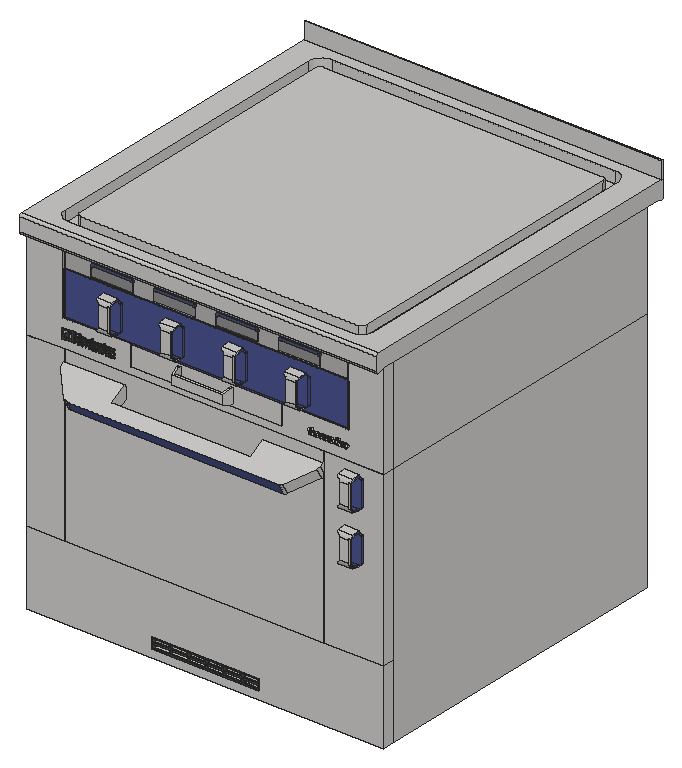
Revit family "QF_ELECTROLUXPROFESSIONAL_588426_MATGFBH8AO", category Attrezzature speciali, Revit 2020
Family settings
  Quota connettore circolare = Usa diametro
  Tipo di parte = Normale
  Basato su piano di lavoro = No
  Sempre verticale = Sì
  Taglio con vuoti quando caricato = No
  Condiviso = No
  Punto di calcolo locali = No
Parameters (values of type "Standard")
  Weight = 208.00 kg
  Watts = 17300 W
  Volts = 400 V
  URL Manufacturer = "https://www.electroluxprofessional.com/"
  URL = "https://www.electroluxprofessional.com/"
  Steam Supply Size = 0"
  Steam Supply Minimum Pressure = 0.00 psi
  Steam Supply Maximum Pressure = 0.00 psi
  Steam Consumption per Hour = 0
  Refrigeration Suction Line Size = 0 mm
  Refrigeration Liquid Line Size = 0 mm
  Refrigerant Compressor Remote = yes
  Prospetto di default = 0 mm
  Phase = 3
  Modello = "MATGFBH8AO"
  Produttore = "Electrolux Professional"
  Length Actual = 800 mm  # constant formula
  Item Number = "588426"
  Hot Water Size = 0"
  Height Actual = 800 mm  # constant formula
  HP = "23.2 HP"
  Gas Size = 0"
  Gas KW = 0
  Gas Input Pressure = 0.0 Btu/h
  Direct Waste Size = 0"
  Descrizione = "EL.FREE COOK.ST.OVEN,1S,BS,800X800X800H"
  Depth Actual = 800 mm  # constant formula
  Cycle = 50 Hz
  Condensate Return Size = 0"
  Compressed Air Volume = 0 GPM
  Compressed Air Size = 0"
  Compressed Air Pressure = 0.00 psi
  Cold Water Size = 0"
  Accessory = yes
Reference planes
  plane 1 "BACK": y = 0
  plane 2: z = 0
  plane 3 "LEFT": x = 0
  plane 4 "RIGHT": x = 800
  plane 5 "FRONT": y = -800
  plane 6 "TOP": z = 900
  plane 7 "Center (Left/Right)": x = 400
  plane 8: y = -400
  plane 9: z = 100
  plane 10: y = -150
  plane 11 "Panel": y = -755
  plane 12: z = 798
  plane 13: z = 1327
  plane 14: x = 78
  plane 15: x = 722
  plane 16: y = -150
  plane 17: y = -650
  plane 18 "EIx": x = 755
  plane 19 "EIy": y = -585
  plane 20: z = 938
Forms (mm)
  Extrusion 1, solid, material "QF_Finishes_Stainless Steel"
    sketch origin (-178.969, -4572, 100) x (-1, 0, 0) y (0, -1, 0)
      loop
        line (-178.969, -4527) -> (-178.969, -3817) -> (-978.969, -3817) -> (-978.969, -4527) -> (-178.969, -4527)
    from 550 to 762.969
  Extrusion 2, solid, material "QF_Finishes_Stainless Steel"
    sketch origin (0, 0, 0) x (0, 1, 0) y (0, 0, 1)
      loop
        line (-755, 100) -> (-755, 265) -> (-780, 265) -> (-780, 100) -> (-755, 100)
    from 0 to 800
  Extrusion 3, solid, material "QF_Finishes_Stainless Steel"
    sketch origin (-588.969, -4562, 100) x (-1, 0, 0) y (0, -1, 0)
      loop
        circle (-1343.969, -3977) r 6.35
    from 0 to -11.851
  Extrusion 4, solid, material "QF_Finishes_Stainless Steel"
    sketch origin (400, 296.4, 1219.2) x (0, 1, 0) y (0, 0, 1)
      loop
        line (-296.4, -319.2) -> (-1091.4, -319.2)
        arc (-1091.4, -319.2) -> (-1094.935, -320.664) -> (-1096.4, -324.2) r 5
        line (-1096.4, -324.2) -> (-1096.4, -355.2)
        arc (-1096.4, -355.2) -> (-1094.971, -358.264) -> (-1091.705, -359.139) r 4
        line (-1091.705, -359.139) -> (-1076.4, -356.231) -> (-316.4, -356.231) -> (-301.094, -359.139)
        arc (-301.094, -359.139) -> (-297.829, -358.264) -> (-296.4, -355.2) r 4
        line (-296.4, -355.2) -> (-296.4, -319.2)
    from -400 to 400
  Extrusion 5, solid, material "QF_Finishes_Stainless Steel"
    sketch origin (0, 0, 900) x (-1, 0, 0) y (0, -1, 0)
      loop
        arc (-88, 59) -> (-80.929, 61.929) -> (-78, 69) r 10
        line (-78, 69) -> (-78, 730)
        arc (-78, 730) -> (-80.929, 737.071) -> (-88, 740) r 10
        line (-88, 740) -> (-712, 740)
        arc (-712, 740) -> (-719.071, 737.071) -> (-722, 730) r 10
        line (-722, 730) -> (-722, 69)
        arc (-722, 69) -> (-719.071, 61.929) -> (-712, 59) r 10
        line (-712, 59) -> (-88, 59)
    from 0 to -20
  Extrusion 6, solid, material "QF_Finishes_Stainless Steel"
    sketch origin (-178.969, -4572, 100) x (-1, 0, 0) y (0, -1, 0)
      loop
        line (-178.969, -4527) -> (-178.969, -3817) -> (-978.969, -3817) -> (-978.969, -4527) -> (-178.969, -4527)
    from 550 to 0
  Extrusion 7, void
    sketch origin (0, -755, 0) x (-1, 0, 0) y (0, 0, 1)
      loop
        line (-520, 116.594) -> (-280, 116.594) -> (-280, 141.594) -> (-520, 141.594) -> (-520, 116.594)
    from 0 to -25
  Extrusion 8, solid, material "QF_Finishes_Black"
    sketch origin (0, -755, 0) x (-1, 0, 0) y (0, 0, 1)
      loop
        line (-280, 141.594) -> (-520, 141.594) -> (-520, 116.594) -> (-280, 116.594) -> (-280, 141.594)
      loop
        line (-282, 139.594) -> (-319.131, 139.594) -> (-319.131, 130.094) -> (-282, 130.094) -> (-282, 139.594)
      loop
        line (-282, 118.594) -> (-282, 128.094) -> (-319.131, 128.094) -> (-319.131, 118.594) -> (-282, 118.594)
      loop
        line (-321.131, 139.594) -> (-359.066, 139.594) -> (-359.066, 130.094) -> (-321.131, 130.094) -> (-321.131, 139.594)
      loop
        line (-399, 139.594) -> (-399, 130.094) -> (-361.066, 130.094) -> (-361.066, 139.594) -> (-399, 139.594)
      loop
        line (-401, 139.594) -> (-438.934, 139.594) -> (-438.934, 130.094) -> (-401, 130.094) -> (-401, 139.594)
      loop
        line (-359.066, 118.594) -> (-321.131, 118.594) -> (-321.131, 128.094) -> (-359.066, 128.094) -> (-359.066, 118.594)
      loop
        line (-361.066, 118.594) -> (-361.066, 128.094) -> (-399, 128.094) -> (-399, 118.594) -> (-361.066, 118.594)
      loop
        line (-401, 128.094) -> (-438.934, 128.094) -> (-438.934, 118.594) -> (-401, 118.594) -> (-401, 128.094)
      loop
        line (-518, 139.594) -> (-518, 130.094) -> (-480.869, 130.094) -> (-480.869, 139.594) -> (-518, 139.594)
      loop
        line (-518, 118.594) -> (-480.869, 118.594) -> (-480.869, 128.094) -> (-518, 128.094) -> (-518, 118.594)
      loop
        line (-478.869, 139.594) -> (-478.869, 130.094) -> (-440.934, 130.094) -> (-440.934, 139.594) -> (-478.869, 139.594)
      loop
        line (-440.934, 118.594) -> (-440.934, 128.094) -> (-478.869, 128.094) -> (-478.869, 118.594) -> (-440.934, 118.594)
    from -25.03 to -20
  Extrusion 9, void
    sketch origin (0, 0, 900) x (-1, 0, 0) y (0, -1, 0)
      loop
        arc (-53, 740) -> (-61.787, 761.213) -> (-83, 770) r 30
        line (-83, 770) -> (-717, 770)
        arc (-717, 770) -> (-738.213, 761.213) -> (-747, 740) r 30
        line (-747, 740) -> (-747, 59)
        arc (-747, 59) -> (-738.213, 37.787) -> (-717, 29) r 30
        line (-717, 29) -> (-83, 29)
        arc (-83, 29) -> (-61.787, 37.787) -> (-53, 59) r 30
        line (-53, 59) -> (-53, 740)
    from 0 to -25
  Extrusion 10, solid, material "QF_Finishes_Stainless Steel"
    sketch origin (0, 0, 900) x (-1, 0, 0) y (0, -1, 0)
      loop
        line (-82, 63) -> (-82, 736) -> (-718, 736) -> (-718, 63) -> (-82, 63)
    from -20 to -25
  Extrusion 11, solid, material "QF_Finishes_Stainless Steel"
    sketch origin (400, 296.4, 1219.2) x (0, 1, 0) y (0, 0, 1)
      loop
        line (-296.4, -319.2) -> (-296.4, -281.2) -> (-298.4, -281.2) -> (-298.4, -319.2) -> (-296.4, -319.2)
    from -400 to 400
Cuts and joins
  Extrusion 7 cuts Extrusion 6
  Extrusion 7 cuts Extrusion 2
  Extrusion 9 cuts Extrusion 4
Lines and regions (mm)
  symbolic lines
    curve 1: line (0, 0, 100) -> (800, 0, 100)
    curve 2: line (0, -800, 100) -> (0, 0, 100)
    curve 3: line (800, -800, 100) -> (0, -800, 100)
    curve 4: line (800, 0, 100) -> (800, -800, 100)
    curve 5: line (712, -59, 100) -> (88, -59, 100)
    curve 6: line (722, -680, 100) -> (722, -69, 100)
    curve 7: arc (88, -59, 100) -> (80.929, -61.929, 100) -> (78, -69, 100) r 10
    curve 8: arc (722, -69, 100) -> (719.071, -61.929, 100) -> (712, -59, 100) r 10
    curve 9: line (712, -741, 100) -> (88, -741, 100)
    curve 10: arc (88, -741, 100) -> (80.929, -738.071, 100) -> (78, -731, 100) r 10
    curve 11: arc (722, -731, 100) -> (719.071, -738.071, 100) -> (712, -741, 100) r 10
    curve 12: line (78, -69, 0) -> (78, -731, 0)
    curve 13: line (722, -731, 0) -> (722, -69, 0)
    curve 14: arc (83, -29, 0) -> (61.787, -37.787, 0) -> (53, -59, 0) r 30
    curve 15: line (717, -29, 0) -> (83, -29, 0)
    curve 16: line (53, -59, 0) -> (53, -740, 0)
    curve 17: line (747, -740, 0) -> (747, -59, 0)
    curve 18: arc (747, -59, 0) -> (738.213, -37.787, 0) -> (717, -29, 0) r 30
    curve 19: arc (717, -770, 0) -> (738.213, -761.213, 0) -> (747, -740, 0) r 30
    curve 20: line (83, -770, 0) -> (717, -770, 0)
    curve 21: arc (53, -740, 0) -> (61.787, -761.213, 0) -> (83, -770, 0) r 30
    curve 22: line (0, -2, 0) -> (800, -2, 0)
Dimensions and locks
  plane 3 "LEFT" to plane 4 "RIGHT" = 800 mm
  plane 5 "FRONT" to plane 1 "BACK" = 800 mm
  equal spacing: plane 3 "LEFT", plane 7 "Center (Left/Right)", plane 4 "RIGHT"
  equal spacing: plane 5 "FRONT", plane 8, plane 1 "BACK"
  plane 6 "TOP" to level = 900 mm  (x2)
  plane 9 to level = 100 mm
  plane 1 "BACK" to plane 10 to plane 11 "Panel" = 150 mm, 605 mm  (x2)
  plane 6 "TOP" to plane 9 to level = 800 mm, 100 mm
  plane 1 "BACK" to plane 5 "FRONT" = 800 mm
  plane 1 "BACK" to Extrusion 3 = 585 mm
  plane 12 to plane 9 = 698 mm
  plane 13 to plane 6 "TOP" = 427 mm
  plane 6 "TOP" to plane 12 = 102 mm
  plane 14 to plane 3 "LEFT" = 78 mm
  plane 15 to plane 4 "RIGHT" = 78 mm
  locked: plane 1 "BACK" to plane 16 at 150
  locked: plane 16 to plane 17 at 500
  plane 11 "Panel" to plane 5 "FRONT" = 45 mm
  plane 18 "EIx" to plane 4 "RIGHT" = 45 mm
  plane 19 "EIy" to plane 1 "BACK" = 585 mm
  plane 20 to plane 6 "TOP" = 38 mm
  aligned and locked: level to plane 2
  aligned and locked: Extrusion 2 to plane 4 "RIGHT"
  aligned and locked: plane 3 "LEFT" to nested 1
  aligned and locked: plane 7 "Center (Left/Right)" to nested 4
  aligned and locked: cut or joined group of Extrusion 2, Extrusion 7 to nested 1
  aligned and locked: Extrusion 1 to cut or joined group of Extrusion 6, Extrusion 7
Automatic sketch dimensions
  Extrusion 2 sketch curve to plane 9 = 0 mm
  Extrusion 2 sketch curve to plane 11 "Panel" = 0 mm
  Extrusion 2 sketch curve to plane 5 "FRONT" = 20 mm
  plane 9 to Extrusion 2 sketch curve = 165 mm
  Extrusion 3 sketch curve to plane 18 "EIx" = 0 mm
  Extrusion 3 sketch curve to plane 19 "EIy" = 0 mm
  Extrusion 4 sketch curve to plane 5 "FRONT" = 0 mm
  Extrusion 4 sketch curve to plane 6 "TOP" = 0 mm
  Extrusion 4 sketch curve to plane 1 "BACK" = 0 mm
  Extrusion 4 sketch curve to plane 5 "FRONT" = 4 mm
  Extrusion 4 sketch curve to Extrusion 4 sketch curve = 0.695 mm
  Extrusion 4 sketch curve to plane 5 "FRONT" = 5 mm
  Extrusion 4 sketch curve to Extrusion 4 sketch curve = 15.305 mm
  plane 1 "BACK" to Extrusion 4 sketch curve = 20 mm
  plane 1 "BACK" to Extrusion 4 sketch curve = 4.695 mm
  Extrusion 4 sketch curve to Extrusion 4 sketch curve = 4 mm
  Extrusion 4 sketch curve to Extrusion 4 sketch curve = 31 mm
  Extrusion 4 sketch curve to plane 6 "TOP" = 36 mm
  Extrusion 4 sketch curve to Extrusion 4 sketch curve = 2.909 mm
  Extrusion 5 sketch curve to plane 15 = 0 mm
  Extrusion 5 sketch curve to plane 14 = 0 mm
  plane 15 to Extrusion 5 sketch curve = 10 mm  (x2)
  Extrusion 5 sketch curve to Extrusion 5 sketch curve = 10 mm  (x2)
  plane 10 to Extrusion 5 sketch curve = 91 mm
  plane 17 to Extrusion 5 sketch curve = 80 mm
  plane 9 to Extrusion 7 sketch curve = 41.594 mm
  plane 7 "Center (Left/Right)" to Extrusion 7 sketch curve = 120 mm
  Extrusion 7 sketch curve to plane 7 "Center (Left/Right)" = 120 mm
  plane 9 to Extrusion 7 sketch curve = 16.594 mm
  plane 9 to Extrusion 8 sketch curve = 41.594 mm
  plane 7 "Center (Left/Right)" to Extrusion 8 sketch curve = 120 mm
  Extrusion 8 sketch curve to Extrusion 8 sketch curve = 2 mm  (x15)
  Extrusion 8 sketch curve to Extrusion 8 sketch curve = 0 mm  (x16)
  Extrusion 8 sketch curve to Extrusion 8 sketch curve = 37.131 mm  (x2)
  Extrusion 8 sketch curve to Extrusion 8 sketch curve = 37.934 mm  (x3)
  plane 7 "Center (Left/Right)" to Extrusion 8 sketch curve = 1 mm  (x2)
  Extrusion 8 sketch curve to plane 7 "Center (Left/Right)" = 1 mm  (x2)
  plane 9 to Extrusion 8 sketch curve = 18.594 mm  (x4)
  Extrusion 8 sketch curve to Extrusion 8 sketch curve = 9.5 mm  (x6)
  Extrusion 10 sketch curve to plane 14 = 4 mm
  plane 15 to Extrusion 10 sketch curve = 4 mm
  plane 17 to Extrusion 10 sketch curve = 86 mm
  plane 10 to Extrusion 10 sketch curve = 87 mm
  plane 18 "EIx" to Extrusion 9 sketch curve = 8 mm
  plane 15 to Extrusion 9 sketch curve = 5 mm  (x2)
  Extrusion 9 sketch curve to plane 14 = 5 mm  (x2)
  plane 14 to Extrusion 9 sketch curve = 25 mm
  plane 1 "BACK" to Extrusion 9 sketch curve = 29 mm
  plane 11 "Panel" to Extrusion 9 sketch curve = 15 mm
  Extrusion 1 sketch curve to plane 4 "RIGHT" = 0 mm
  Extrusion 1 sketch curve to plane 3 "LEFT" = 0 mm
  Extrusion 1 sketch curve to plane 11 "Panel" = 0 mm
  plane 1 "BACK" to Extrusion 1 sketch curve = 45 mm
  plane 1 "BACK" to curve 1 = 0 mm
  curve 1 to plane 4 "RIGHT" = 0 mm
  curve 6 to plane 15 = 0 mm
  curve 11 to plane 15 = 0 mm
  curve 10 to plane 14 = 0 mm
  curve 7 to plane 14 = 0 mm
  curve 2 to plane 3 "LEFT" = 0 mm
  plane 5 "FRONT" to curve 3 = 0 mm
  plane 15 to curve 9 = 10 mm
  plane 15 to curve 5 = 10 mm
  curve 7 to plane 14 = 10 mm
  curve 10 to plane 14 = 10 mm
  plane 1 "BACK" to curve 5 = 59 mm
  plane 17 to curve 6 = 30 mm
  plane 11 "Panel" to curve 11 = 24 mm
  Extrusion 6 sketch curve to plane 4 "RIGHT" = 0 mm
  Extrusion 6 sketch curve to plane 3 "LEFT" = 0 mm
  Extrusion 6 sketch curve to plane 11 "Panel" = 0 mm
  plane 1 "BACK" to Extrusion 6 sketch curve = 45 mm
  Extrusion 11 sketch curve to plane 6 "TOP" = 0 mm
  Extrusion 11 sketch curve to plane 20 = 0 mm
  Extrusion 11 sketch curve to plane 1 "BACK" = 0 mm
  Extrusion 11 sketch curve to Extrusion 11 sketch curve = 2 mm
  curve 22 to plane 3 "LEFT" = 0 mm
  curve 12 to plane 14 = 0 mm
  curve 13 to plane 15 = 0 mm
  curve 22 to plane 4 "RIGHT" = 0 mm
  plane 14 to curve 16 = 25 mm
  curve 15 to plane 14 = 5 mm
  curve 21 to plane 14 = 5 mm
  plane 15 to curve 18 = 5 mm
  plane 15 to curve 20 = 5 mm
  plane 18 "EIx" to curve 17 = 8 mm
  curve 20 to plane 11 "Panel" = 15 mm
  plane 1 "BACK" to curve 14 = 59 mm
  curve 19 to curve 13 = 9 mm
  curve 21 to curve 12 = 9 mm
  curve 13 to curve 18 = 10 mm
  curve 12 to curve 14 = 10 mm
  plane 1 "BACK" to curve 22 = 2 mm
  radius of Extrusion 3 sketch curve = 6.35 mm
Nested families
  nested 1: "Door_Panel_W800_A" at (300, -755, 0), type "Door_Panel_W800_A"
  nested 2: "FIT Range Control Handle" at (730, -783.167, -372.751), type "FIT Range Control Handle"
  nested 3: "FIT Range Control Handle" at (730, -783.167, -484.751), type "FIT Range Control Handle"
  nested 4: "Front_Panel_W800_Four Knobs" at (202.376, -755, 0), type "Front_Panel_W800_Four Knobs"
Connectors
  electrical at (755, -585, 88.149)
    settings: on Extrusion 3, index 1, voltage 400 V, apparent load 33000 VA, apparent load phase1 0 VA, apparent load phase2 0 VA, apparent load phase3 0 VA, power factor 1, load classification "Other", number of poles 1, system type 30, power factor state 1, is connector primary yes, connector utility no, sub classification motor no, connector description "ELECTRICAL CONNECTION"
Definition of nested family "Door_Panel_W800_A"
  Parameters
    Default Elevation = 0 mm
  Reference planes
    plane 1 "Center (Front/Back)": y = 0
    plane 2 "Ref. Level": z = 0
    plane 3: x = 500
    plane 4: x = -300
    plane 5 "Center (Left/Right)": x = 100
    plane 6: x = -215
    plane 7: x = 365
    plane 8 "Manopola": through (-6096, -50.059, 612.389) normal (0, -0.515, 0.8572)
    plane 9 "Top": z = 650
    plane 10: z = 265
    plane 11: z = 200
  Forms (mm)
    Extrusion 1, solid
      sketch origin (100, 0, 0) x (0, 1, 0) y (0, 0, 1)
        loop
          line (-25.03, 650) -> (-25.03, 265) -> (0, 265) -> (0, 650) -> (-25.03, 650)
      from 265 to 400
    Extrusion 2, solid
      sketch origin (100, 0, 0) x (0, 1, 0) y (0, 0, 1)
        loop
          line (-25.03, 650) -> (-25.03, 265) -> (0, 265) -> (0, 650) -> (-25.03, 650)
      from -400 to -315
    Extrusion 3, solid
      sketch origin (100, 0, 0) x (0, 1, 0) y (0, 0, 1)
        loop
          line (-25.03, 650) -> (-25.03, 265) -> (0, 265) -> (0, 650) -> (-25.03, 650)
      from -315 to 265
    Extrusion 4, solid
      sketch origin (0, -283.633, 472.044) x (0, 0.857167, 0.515038) y (-1, 0, 0)
        loop
          line (299.12, -365) -> (299.12, 215) -> (290.982, 215)
          arc (290.982, 215) -> (286.677, 214.026) -> (283.211, 211.293) r 10
          line (283.211, 211.293) -> (233.28, 170.86)
          arc (233.28, 170.86) -> (230.548, 167.394) -> (229.574, 163.089) r 10
          line (229.574, 163.089) -> (229.574, -313.089)
          arc (229.574, -313.089) -> (230.548, -317.394) -> (233.28, -320.86) r 10
          line (233.28, -320.86) -> (283.211, -361.293)
          arc (283.211, -361.293) -> (286.677, -364.026) -> (290.982, -365) r 10
          line (290.982, -365) -> (299.12, -365)
      from -27 to 0
    Extrusion 5, void
      sketch origin (100, 0, 0) x (0, 1, 0) y (0, 0, 1)
        loop
          line (-61.514, 605.507) -> (-47.608, 582.363) -> (-25.03, 595.93) -> (-25.03, 627.429) -> (-61.514, 605.507)
      from -180 to 130
    Extrusion 6, solid, detail levels coarse
      sketch origin (100, 0, 0) x (0, 1, 0) y (0, 0, 1)
        loop
          line (-25.03, 265) -> (-25.03, 650)
          arc (-25.03, 650) -> (-297.266, 537.236) -> (-410.03, 265) r 385
          line (-410.03, 265) -> (-25.03, 265)
      from -315 to 265
  Cuts and joins
    Extrusion 5 cuts Extrusion 4
    joined: Extrusion 3, Extrusion 4
  Lines and regions (mm)
    symbolic lines
      curve 1: line (-207.355, -45.043, 0) -> (-170.86, -83.673, 0)
      curve 2: line (-163.089, -86.85, 0) -> (313.089, -86.85, 0)
      curve 3: line (320.86, -83.673, 0) -> (357.355, -45.043, 0)
      curve 4: arc (-163.089, -86.85, 0) -> (-167.318, -86.101, 0) -> (-170.86, -83.673, 0) r 10.165
      curve 5: arc (313.089, -86.85, 0) -> (317.318, -86.101, 0) -> (320.86, -83.673, 0) r 10.165
      curve 6: line (-215, -45.043, 0) -> (-215, -410.03, 0)
      curve 7: line (-215, -410.03, 0) -> (365, -410.03, 0)
      curve 8: line (365, -410.03, 0) -> (365, -45.03, 0)
  Dimensions and locks
    plane 3 to plane 4 = 800 mm
    plane 4 to plane 3 = 800 mm
    equal spacing: plane 3, plane 5 "Center (Left/Right)", plane 4
    plane 6 to plane 4 = 85 mm
    plane 3 to plane 7 = 135 mm
    plane 11 to level = 200 mm
    plane 10 to plane 11 = 65 mm
    plane 10 to plane 9 "Top" = 385 mm
    plane 9 "Top" to plane 11 = 450 mm
    aligned and locked: plane 3 to Extrusion 1
    aligned and locked: cut or joined group of Extrusion 3, Extrusion 4, Extrusion 5 to plane 6
    aligned and locked: cut or joined group of Extrusion 3, Extrusion 4, Extrusion 5 to plane 7
    aligned and locked: plane 7 to Extrusion 1
    aligned and locked: plane 6 to Extrusion 2
    aligned and locked: Extrusion 2 to plane 4
    aligned and locked: plane 10 to Extrusion 2
    aligned and locked: plane 10 to cut or joined group of Extrusion 3, Extrusion 4, Extrusion 5
    aligned and locked: plane 10 to Extrusion 1
    aligned and locked: Extrusion 6 to plane 6
    aligned and locked: Extrusion 6 to plane 7
  Automatic sketch dimensions
    Extrusion 5 sketch curve to plane 8 "Manopola" = 0 mm  (x2)
    plane 1 "Center (Front/Back)" to Extrusion 5 sketch curve = 61.514 mm
    Extrusion 5 sketch curve to Extrusion 5 sketch curve = 13.906 mm
    plane 1 "Center (Front/Back)" to Extrusion 5 sketch curve = 25.03 mm
    Extrusion 4 sketch curve to plane 7 = 0 mm
    Extrusion 4 sketch curve to plane 6 = 0 mm
    plane 6 to Extrusion 4 sketch curve = 51.911 mm
    plane 7 to Extrusion 4 sketch curve = 44.14 mm
    Extrusion 4 sketch curve to Extrusion 4 sketch curve = 3.707 mm  (x2)
    plane 6 to Extrusion 4 sketch curve = 44.14 mm
    plane 7 to Extrusion 4 sketch curve = 3.707 mm
    Extrusion 4 sketch curve to Extrusion 4 sketch curve = 49.93 mm  (x2)
    plane 6 to Extrusion 4 sketch curve = 3.707 mm
    Extrusion 4 sketch curve to Extrusion 4 sketch curve = 7.771 mm  (x3)
    Extrusion 4 sketch curve to Extrusion 4 sketch curve = 8.138 mm
    Extrusion 2 sketch curve to plane 1 "Center (Front/Back)" = 0 mm
    Extrusion 3 sketch curve to plane 1 "Center (Front/Back)" = 0 mm
    Extrusion 1 sketch curve to plane 1 "Center (Front/Back)" = 0 mm
    Extrusion 2 sketch curve to plane 9 "Top" = 0 mm
    Extrusion 2 sketch curve to Extrusion 2 sketch curve = 25.03 mm
    Extrusion 3 sketch curve to plane 9 "Top" = 0 mm
    Extrusion 3 sketch curve to Extrusion 3 sketch curve = 25.03 mm
    Extrusion 1 sketch curve to plane 9 "Top" = 0 mm
    plane 1 "Center (Front/Back)" to Extrusion 1 sketch curve = 25.03 mm
    level to Extrusion 1 sketch curve = 265 mm
    level to Extrusion 2 sketch curve = 265 mm
    level to Extrusion 3 sketch curve = 265 mm
    plane 10 to Extrusion 6 sketch curve = 0 mm
    Extrusion 6 sketch curve to plane 9 "Top" = 0 mm
    plane 1 "Center (Front/Back)" to Extrusion 6 sketch curve = 25.03 mm
    curve 7 to plane 7 = 0 mm
    plane 6 to curve 1 = 44.14 mm
    curve 4 to curve 4 = 7.389 mm
    curve 4 to curve 2 = 7.771 mm
    plane 7 to curve 2 = 51.911 mm
    curve 2 to curve 5 = 0.382 mm
    curve 2 to curve 3 = 7.771 mm
    plane 1 "Center (Front/Back)" to curve 6 = 410.03 mm
    plane 1 "Center (Front/Back)" to curve 2 = 86.85 mm
    curve 2 to curve 3 = 3.177 mm
    curve 2 to curve 1 = 3.177 mm
    plane 7 to curve 3 = 7.645 mm
    plane 1 "Center (Front/Back)" to curve 3 = 45.043 mm
    curve 3 to curve 8 = 0.013 mm
    curve 7 to plane 6 = 0 mm
    curve 6 to curve 1 = 7.645 mm
    plane 1 "Center (Front/Back)" to curve 1 = 45.043 mm
    curve 6 to curve 1 = 0 mm
Definition of nested family "FIT Range Control Handle"
  Parameters
    Default Elevation = 0 mm
  Reference planes
    plane 1 "Center (Front/Back)": y = 0
    plane 2: z = 0
    plane 3 "Center (Left/Right)": x = 0
    plane 4: z = 971.092
    plane 5: y = -16.8
  Forms (mm)
    Extrusion 1, solid
      sketch origin (-746.28, 380.497, 208.931) x (-1, 0, 0) y (0, 0, 1)
        loop
          line (-770.101, 786.798) -> (-770.101, 731.649)
          arc (-770.101, 731.649) -> (-769.759, 730.563) -> (-768.855, 729.87) r 1.893
          line (-768.855, 729.87) -> (-763.474, 727.911) -> (-729.81, 727.911) -> (-724.428, 729.87)
          arc (-724.428, 729.87) -> (-723.525, 730.563) -> (-723.183, 731.649) r 1.893
          line (-723.183, 731.649) -> (-723.183, 786.798)
          arc (-723.183, 786.798) -> (-723.529, 787.894) -> (-724.44, 788.593) r 1.91
          line (-724.44, 788.593) -> (-729.683, 790.819) -> (-763.601, 790.819) -> (-768.844, 788.593)
          arc (-768.844, 788.593) -> (-769.755, 787.894) -> (-770.101, 786.798) r 1.91
      from -382.35 to -378.852
    Sweep 2, solid
      path origin (-746.788, 380.496, 208.091) x (0, -1, 0) y (0, 0, 1)
        loop
          line (379.775, 793.281) -> (395.661, 791.048)
          arc (395.661, 791.048) -> (397.781, 787.377) -> (398.517, 783.202) r 12.207
          line (398.517, 783.202) -> (398.517, 737.368)
          arc (398.517, 737.368) -> (397.781, 733.193) -> (395.661, 729.522) r 12.207
          line (395.661, 729.522) -> (379.775, 727.289)
      profile origin (-746.788, -7.222, 1000.256) x (0, -0.139173, 0.990268) y (-1, 0, 0)
        loop
          line (0.782, -763.123) -> (0.782, -730.907) -> (-1.322, -730.907) -> (-1.322, -763.123) -> (0.782, -763.123)
    Sweep 3, solid
      path origin (-746.788, 380.715, 207.832) x (0, -1, 0) y (0, 0, 1)
        loop
          line (380.478, 795.442) -> (397.218, 793.09)
          arc (397.218, 793.09) -> (399.929, 788.473) -> (400.871, 783.202) r 15.207
          line (400.871, 783.202) -> (400.871, 737.584)
          arc (400.871, 737.584) -> (399.914, 732.274) -> (397.164, 727.633) r 15.207
          line (397.164, 727.633) -> (380.601, 725.305)
      profile origin (-746.788, -8.132, 1002.099) x (0, -0.139173, 0.990268) y (-1, 0, 0)
        loop
          line (0.782, -763.123) -> (0.782, -730.907) -> (-1.322, -730.907) -> (-1.322, -763.123) -> (0.782, -763.123)
    Extrusion 4, void
      sketch origin (889.253, 220.666, 207.993) x (1, 0, 0) y (0, 0, 1)
        loop
          line (-943.038, 816.854) -> (-943.038, 703.686) -> (-899.466, 734.196) -> (-899.466, 786.344) -> (-943.038, 816.854)
      from 230.636 to 242.25
    Extrusion 5, void
      sketch origin (-888.8, 220.666, 207.993) x (-1, 0, 0) y (0, 0, -1)
        loop
          line (-943.038, -816.854) -> (-899.466, -786.344) -> (-899.466, -734.196) -> (-943.038, -703.686) -> (-943.038, -816.854)
      from 230.636 to 242.25
    Extrusion 6, solid
      sketch origin (0, 0, 0) x (1, 0, 0) y (0, 0, 1)
        loop
          circle (0, 971.092) r 7.736
      from -3.137 to -1.645
  Cuts and joins
    Extrusion 4, Extrusion 5 cuts Sweep 3
    Extrusion 4, Extrusion 5 cuts Sweep 2
    joined: Extrusion 1, Extrusion 6
  Lines and regions (mm)
    symbolic lines
      curve 1: line (-15.881, -19.189, 0) -> (-15.881, -16.8, 0)
      curve 2: line (16.334, -19.189, 0) -> (16.334, -16.8, 0)
      curve 3: spline (-15.881, -19.189, 0) -> (-15.417, -19.349, 0) -> (-14.951, -19.501, 0) -> (-14.483, -19.646, 0) -> (-14.014, -19.783, 0) -> (-13.543, -19.912, 0) -> (-13.071, -20.033, 0) -> (-12.597, -20.146, 0) -> (-12.122, -20.251, 0) -> (-11.646, -20.349, 0) -> (-11.169, -20.438, 0) -> (-10.691, -20.52, 0) -> (-10.213, -20.593, 0)
      curve 4: spline (10.666, -20.593, 0) -> (11.144, -20.52, 0) -> (11.622, -20.438, 0) -> (12.099, -20.349, 0) -> (12.575, -20.251, 0) -> (13.05, -20.146, 0) -> (13.524, -20.033, 0) -> (13.996, -19.912, 0) -> (14.467, -19.783, 0) -> (14.936, -19.646, 0) -> (15.404, -19.501, 0) -> (15.87, -19.349, 0) -> (16.334, -19.189, 0)
      curve 5: line (-10.213, -20.938, 0) -> (10.716, -20.938, 0)
  Dimensions and locks
    cut or joined group of Sweep 3, Extrusion 4, Extrusion 5 to cut or joined group of Sweep 3, Extrusion 4, Extrusion 5 = 71.686 mm
Definition of nested family "Front_Panel_W800_Four Knobs"
  Parameters
    Default Elevation = 0 mm
  Reference planes
    plane 1 "Center (Front/Back)": y = 0
    plane 2: z = 0
    plane 3 "Center (Left/Right)": x = 197.624
    plane 4 "Left": x = -202.376
    plane 5 "Right": x = 597.624
    plane 6: y = -45
    plane 7: x = -12.376
    plane 8: x = 127.624
    plane 9: y = -310
    plane 10: y = -25
    plane 11: x = 517.624
    plane 12: x = -122.376
  Forms (mm)
    Extrusion 1, solid
      sketch origin (833.217, 829.203, -1.25) x (0, 1, 0) y (0, 0, 1)
        loop
          line (-854.203, 651.25) -> (-829.203, 651.25) -> (-829.203, 864.25) -> (-854.203, 864.25) -> (-854.203, 651.25)
      from -1035.593 to -235.593
    Extrusion 2, void
      sketch origin (0, 0, 0) x (1, 0, 0) y (0, 0, 1)
        loop
          line (-122.376, 853.866) -> (-122.376, 711.866) -> (517.624, 711.866) -> (517.624, 853.866) -> (-122.376, 853.866)
      from 19.387 to 33.951
    Extrusion 3, void
      sketch origin (0, 0, 0) x (1, 0, 0) y (0, 0, 1)
        loop
          line (30.124, 711.866) -> (30.124, 666.866) -> (370.124, 666.866) -> (370.124, 711.866) -> (30.124, 711.866)
      from 19.387 to 25
    Extrusion 4, solid
      sketch origin (0, 0, 0) x (1, 0, 0) y (0, 0, 1)
        loop
          line (31.124, 710.866) -> (31.124, 667.866) -> (369.124, 667.866) -> (369.124, 710.866) -> (31.124, 710.866)
      from 19.387 to 25
    Extrusion 5, solid
      sketch origin (0, 0, 0) x (1, 0, 0) y (0, 1, 0)
        loop
          line (141.059, -25) -> (135.966, -25) -> (140.646, -49.075) -> (254.603, -49.075) -> (259.283, -25) -> (254.189, -25) -> (250.481, -44.075) -> (144.767, -44.075) -> (141.059, -25)
      from 672.593 to 705.67
    Extrusion 6, void
      sketch origin (197.624, 0, 0) x (0, 1, 0) y (0, 0, 1)
        loop
          line (-30, 705.67) -> (-30, 710.67) -> (-56.744, 710.67) -> (-56.744, 667.593) -> (-30, 667.593) -> (-30, 672.593) -> (-53.776, 680.318) -> (-53.776, 697.945) -> (-30, 705.67)
      from -70 to 70
    Extrusion 7, solid, detail levels coarse
      sketch origin (0, -265, 0) x (1, 0, 0) y (0, 1, 0)
        loop
          line (140.646, -69.075) -> (254.603, -69.075) -> (259.283, -45) -> (364.124, -45) -> (364.124, 240) -> (31.124, 240) -> (31.124, -45) -> (135.966, -45) -> (140.646, -69.075)
      from 672.593 to 705.67
    Extrusion 8, void
      sketch origin (197.624, -280, 0) x (0, 1, 0) y (0, 0, 1)
        loop
          line (-30, 705.67) -> (-30, 710.67) -> (-56.744, 710.67) -> (-56.744, 667.593) -> (-30, 667.593) -> (-30, 672.593) -> (-53.776, 680.318) -> (-53.776, 697.945) -> (-30, 705.67)
      from -70 to 70
  Cuts and joins
    Extrusion 2, Extrusion 3 cuts Extrusion 1
    Extrusion 6, Extrusion 8 cuts Extrusion 5
    Extrusion 8 cuts Extrusion 7
  Lines and regions (mm)
    symbolic lines
      curve 1: line (31.124, -45, 0) -> (31.124, -310, 0)
      curve 2: line (31.124, -310, 0) -> (364.124, -310, 0)
      curve 3: line (135.966, -310, 0) -> (140.646, -334.075, 0)
      curve 4: line (140.646, -334.075, 0) -> (254.603, -334.075, 0)
      curve 5: line (254.603, -334.075, 0) -> (259.283, -310, 0)
      curve 6: line (364.124, -310, 0) -> (364.124, -45, 0)
      curve 7: line (31.124, -300, 0) -> (364.124, -300, 0)
      curve 8: line (140.874, -309.046, 0) -> (144.767, -329.075, 0)
      curve 9: line (144.767, -329.075, 0) -> (250.481, -329.075, 0)
      curve 10: line (250.481, -329.075, 0) -> (254.375, -309.046, 0)
  Dimensions and locks
    equal spacing: plane 5 "Right", plane 3 "Center (Left/Right)", plane 4 "Left"
    plane 5 "Right" to plane 4 "Left" = 800 mm
    plane 3 "Center (Left/Right)" to plane 7 = 210 mm
    plane 3 "Center (Left/Right)" to plane 8 = 70 mm
    plane 6 to plane 9 = 265 mm
    aligned and locked: cut or joined group of Extrusion 1, Extrusion 2, Extrusion 3 to plane 4 "Left"
    aligned and locked: plane 5 "Right" to cut or joined group of Extrusion 1, Extrusion 2, Extrusion 3
    aligned and locked: plane 3 "Center (Left/Right)" to nested 2
    aligned and locked: cut or joined group of Extrusion 1, Extrusion 2, Extrusion 3 to nested 2
  Automatic sketch dimensions
    plane 7 to Extrusion 3 sketch curve = 42.5 mm
    plane 3 "Center (Left/Right)" to Extrusion 3 sketch curve = 172.5 mm
    level to Extrusion 3 sketch curve = 666.866 mm
    Extrusion 3 sketch curve to Extrusion 3 sketch curve = 45 mm
    plane 7 to Extrusion 4 sketch curve = 43.5 mm
    plane 3 "Center (Left/Right)" to Extrusion 4 sketch curve = 171.5 mm
    level to Extrusion 4 sketch curve = 667.866 mm
    Extrusion 4 sketch curve to Extrusion 4 sketch curve = 43 mm
    plane 8 to Extrusion 5 sketch curve = 8.342 mm
    plane 6 to Extrusion 5 sketch curve = 4.075 mm
    plane 8 to Extrusion 5 sketch curve = 13.021 mm
    Extrusion 5 sketch curve to Extrusion 5 sketch curve = 5.094 mm  (x2)
    Extrusion 5 sketch curve to plane 6 = 0.925 mm
    Extrusion 5 sketch curve to Extrusion 5 sketch curve = 4.122 mm  (x2)
    plane 3 "Center (Left/Right)" to Extrusion 5 sketch curve = 52.857 mm
    Extrusion 5 sketch curve to plane 6 = 20 mm  (x2)
    Extrusion 5 sketch curve to Extrusion 5 sketch curve = 3.708 mm
    plane 6 to Extrusion 6 sketch curve = 11.744 mm
    plane 6 to Extrusion 6 sketch curve = 8.776 mm
    Extrusion 6 sketch curve to plane 6 = 15 mm  (x2)
    level to Extrusion 6 sketch curve = 667.593 mm
    Extrusion 6 sketch curve to Extrusion 6 sketch curve = 5 mm
    Extrusion 6 sketch curve to Extrusion 6 sketch curve = 12.725 mm  (x2)
    Extrusion 6 sketch curve to Extrusion 6 sketch curve = 17.627 mm
    Extrusion 6 sketch curve to Extrusion 6 sketch curve = 7.725 mm
    Extrusion 8 sketch curve to plane 9 = 26.744 mm
    Extrusion 8 sketch curve to plane 9 = 23.776 mm
    plane 9 to Extrusion 8 sketch curve = 0 mm  (x2)
    level to Extrusion 8 sketch curve = 667.593 mm
    Extrusion 8 sketch curve to Extrusion 8 sketch curve = 5 mm
    Extrusion 8 sketch curve to Extrusion 8 sketch curve = 12.725 mm  (x2)
    Extrusion 8 sketch curve to Extrusion 8 sketch curve = 17.627 mm
    Extrusion 8 sketch curve to Extrusion 8 sketch curve = 7.725 mm
    plane 9 to Extrusion 7 sketch curve = 0 mm  (x2)
    plane 7 to Extrusion 7 sketch curve = 43.5 mm
    plane 8 to Extrusion 7 sketch curve = 8.342 mm
    Extrusion 7 sketch curve to plane 9 = 24.075 mm
    plane 8 to Extrusion 7 sketch curve = 13.021 mm
    Extrusion 7 sketch curve to Extrusion 7 sketch curve = 104.842 mm
    Extrusion 7 sketch curve to plane 6 = 20 mm
    plane 3 "Center (Left/Right)" to Extrusion 7 sketch curve = 56.979 mm
    Extrusion 7 sketch curve to Extrusion 7 sketch curve = 4.68 mm
    Extrusion 1 sketch curve to plane 1 "Center (Front/Back)" = 0 mm
    level to Extrusion 1 sketch curve = 650 mm
    plane 4 "Left" to Extrusion 2 sketch curve = 80 mm
    Extrusion 2 sketch curve to plane 5 "Right" = 80 mm
    level to Extrusion 2 sketch curve = 711.866 mm
    Extrusion 2 sketch curve to Extrusion 2 sketch curve = 142 mm
    plane 6 to curve 1 = 0 mm
    plane 6 to curve 6 = 0 mm
    plane 9 to curve 1 = 0 mm
    plane 7 to curve 1 = 43.5 mm
    curve 4 to plane 9 = 24.075 mm
    plane 8 to curve 4 = 13.021 mm
    curve 3 to curve 8 = 4.122 mm
    plane 3 "Center (Left/Right)" to curve 4 = 56.979 mm
    curve 4 to curve 2 = 109.521 mm
    plane 8 to curve 3 = 8.342 mm
    curve 3 to curve 8 = 4.908 mm
    curve 9 to curve 4 = 4.122 mm
    curve 10 to plane 9 = 19.075 mm
    curve 9 to curve 5 = 8.801 mm
    plane 9 to curve 10 = 0.954 mm
    curve 10 to curve 5 = 4.908 mm
    curve 3 to curve 8 = 0.954 mm
    curve 1 to curve 7 = 10 mm
    Extrusion 1 sketch curve to plane 6 = 20 mm
    Extrusion 1 sketch curve to Extrusion 1 sketch curve = 213 mm
  Nested families
    nested 1: "Range Control Handle" at (-12.376, -28.137, -209.113) x (-1, 0, 0) z (0, 0, 1), type "Range Control Handle"
    nested 2: "Front glass control panel W800" at (197.624, 280.644, 2.752), type "Front glass control panel W800"
    nested 3: "Range Control Handle" at (127.624, -28.137, -209.113) x (-1, 0, 0) z (0, 0, 1), type "Range Control Handle"
    nested 4: "Range Control Handle" at (407.624, -28.137, -209.113), type "Range Control Handle"
    nested 5: "Range Control Handle" at (267.624, -28.137, -209.113), type "Range Control Handle"
    nested 6: "ELX_ThermaLine_Small" at (468.838, -25, 679.426) x (1, 0, 0) z (0, -1, 0), type "ELX_ThermaLine_Small"
      with Show Logo yes, Material_Logo none
    nested 7: "ELX_Professional_Logo_Small" at (-62.89, -25, 681.659) x (1, 0, 0) z (0, -1, 0), type "ELX_Professional_Logo_Small"
      with Show Logo yes, Material_Logo none
  Definition of nested family "Range Control Handle"
    Parameters
      Default Elevation = 0 mm
    Reference planes
      plane 1 "Center (Front/Back)": y = 0
      plane 2: z = 0
      plane 3 "Center (Left/Right)": x = 0
      plane 4: z = 971.092
      plane 5: y = -16.9
    Forms (mm)
      Extrusion 1, solid
        sketch origin (-746.28, 380.497, 208.931) x (-1, 0, 0) y (0, 0, 1)
          loop
            line (-770.101, 786.798) -> (-770.101, 731.649)
            arc (-770.101, 731.649) -> (-769.759, 730.563) -> (-768.855, 729.87) r 1.893
            line (-768.855, 729.87) -> (-763.474, 727.911) -> (-729.81, 727.911) -> (-724.428, 729.87)
            arc (-724.428, 729.87) -> (-723.525, 730.563) -> (-723.183, 731.649) r 1.893
            line (-723.183, 731.649) -> (-723.183, 786.798)
            arc (-723.183, 786.798) -> (-723.529, 787.894) -> (-724.44, 788.593) r 1.91
            line (-724.44, 788.593) -> (-729.683, 790.819) -> (-763.601, 790.819) -> (-768.844, 788.593)
            arc (-768.844, 788.593) -> (-769.755, 787.894) -> (-770.101, 786.798) r 1.91
        from -382.35 to -378.852
      Sweep 2, solid
        path origin (-746.788, 380.496, 208.091) x (0, -1, 0) y (0, 0, 1)
          loop
            line (379.775, 793.281) -> (395.661, 791.048)
            arc (395.661, 791.048) -> (397.781, 787.377) -> (398.517, 783.202) r 12.207
            line (398.517, 783.202) -> (398.517, 737.368)
            arc (398.517, 737.368) -> (397.781, 733.193) -> (395.661, 729.522) r 12.207
            line (395.661, 729.522) -> (379.775, 727.289)
        profile origin (-746.788, -7.222, 1000.256) x (0, -0.139173, 0.990268) y (-1, 0, 0)
          loop
            line (0.782, -763.123) -> (0.782, -730.907) -> (-1.322, -730.907) -> (-1.322, -763.123) -> (0.782, -763.123)
      Sweep 3, solid
        path origin (-746.788, 380.715, 207.832) x (0, -1, 0) y (0, 0, 1)
          loop
            line (380.478, 795.442) -> (397.218, 793.09)
            arc (397.218, 793.09) -> (399.929, 788.473) -> (400.871, 783.202) r 15.207
            line (400.871, 783.202) -> (400.871, 737.584)
            arc (400.871, 737.584) -> (399.914, 732.274) -> (397.164, 727.633) r 15.207
            line (397.164, 727.633) -> (380.601, 725.305)
        profile origin (-746.788, -8.132, 1002.099) x (0, -0.139173, 0.990268) y (-1, 0, 0)
          loop
            line (0.782, -763.123) -> (0.782, -730.907) -> (-1.322, -730.907) -> (-1.322, -763.123) -> (0.782, -763.123)
      Extrusion 4, void
        sketch origin (889.253, 220.666, 207.993) x (1, 0, 0) y (0, 0, 1)
          loop
            line (-943.038, 816.854) -> (-943.038, 703.686) -> (-899.466, 734.196) -> (-899.466, 786.344) -> (-943.038, 816.854)
        from 230.636 to 242.25
      Extrusion 5, void
        sketch origin (-888.8, 220.666, 207.993) x (-1, 0, 0) y (0, 0, -1)
          loop
            line (-943.038, -816.854) -> (-899.466, -786.344) -> (-899.466, -734.196) -> (-943.038, -703.686) -> (-943.038, -816.854)
        from 230.636 to 242.25
      Extrusion 6, solid
        sketch origin (0, 0, 0) x (1, 0, 0) y (0, 0, 1)
          loop
            circle (0, 971.092) r 7.736
        from -3.137 to -1.645
    Cuts and joins
      Extrusion 4, Extrusion 5 cuts Sweep 3
      Extrusion 4, Extrusion 5 cuts Sweep 2
      joined: Extrusion 1, Extrusion 6
    Lines and regions (mm)
      symbolic lines
        curve 1: line (16.334, -16.9, 0) -> (16.334, -19.227, 0)
        curve 2: spline (16.334, -19.227, 0) -> (15.87, -19.385, 0) -> (15.404, -19.536, 0) -> (14.936, -19.678, 0) -> (14.466, -19.813, 0) -> (13.995, -19.94, 0) -> (13.523, -20.059, 0) -> (13.049, -20.171, 0) -> (12.575, -20.274, 0) -> (12.099, -20.37, 0) -> (11.622, -20.458, 0) -> (11.144, -20.537, 0) -> (10.666, -20.609, 0)
        curve 3: line (10.666, -16.9, 0) -> (10.666, -20.938, 0)
        curve 4: line (-10.213, -20.938, 0) -> (10.666, -20.938, 0)
        curve 5: line (-10.213, -20.938, 0) -> (-10.213, -16.9, 0)
        curve 6: spline (-10.213, -20.609, 0) -> (-10.691, -20.537, 0) -> (-11.169, -20.458, 0) -> (-11.646, -20.37, 0) -> (-12.122, -20.274, 0) -> (-12.597, -20.171, 0) -> (-13.07, -20.059, 0) -> (-13.542, -19.94, 0) -> (-14.013, -19.813, 0) -> (-14.483, -19.678, 0) -> (-14.951, -19.536, 0) -> (-15.417, -19.385, 0) -> (-15.881, -19.227, 0)
        curve 7: line (-15.881, -19.227, 0) -> (-15.881, -16.9, 0)
  Definition of nested family "Front glass control panel W800"
    Parameters
      Default Elevation = 0 mm
    Reference planes
      plane 1 "Center (Front/Back)": y = 0
      plane 2: z = 0
      plane 3 "Center (Left/Right)": x = 0
    Forms (mm)
      Extrusion 1, solid
        sketch origin (378.286, 0, 0.617) x (1, 0, 0) y (0, 0, 1)
          loop
            line (-698.286, 806.791) -> (-698.286, 708.497) -> (-58.286, 708.497) -> (-58.286, 806.791) -> (-698.286, 806.791)
        from 300.031 to 304.8
      Extrusion 2, solid
        sketch origin (378.286, 0, 0.617) x (1, 0, 0) y (0, 0, 1)
          loop
            line (-698.286, 850.497) -> (-698.286, 806.791) -> (-58.286, 806.791) -> (-58.286, 850.497) -> (-698.286, 850.497)
        from 300.031 to 304.8
      Extrusion 3, void
        sketch origin (378.286, 0, 0.617) x (1, 0, 0) y (0, 0, 1)
          loop
            line (-695.628, 847.565) -> (-695.628, 710.699) -> (-61.196, 710.699) -> (-61.196, 847.565) -> (-695.628, 847.565)
        from 303.697 to 304.8
      Extrusion 4, solid
        sketch origin (-378.333, 1.101, -0.633) x (-1, 0, 0) y (0, 0, -1)
          loop
            line (-261.431, -812.62) -> (-355.186, -812.62) -> (-355.186, -834.177) -> (-350.269, -834.177) -> (-348.469, -835.977) -> (-268.039, -835.977) -> (-266.24, -834.177) -> (-261.431, -834.177) -> (-261.431, -812.62)
        from 304.798 to 306.745
      Extrusion 5, solid
        sketch origin (-378.333, 1.101, -0.633) x (-1, 0, 0) y (0, 0, -1)
          loop
            line (-350.269, -834.177) -> (-355.078, -834.177)
            arc (-355.078, -834.177) -> (-353.942, -838.747) -> (-349.686, -840.763) r 5.5
            line (-349.686, -840.763) -> (-266.98, -840.763)
            arc (-266.98, -840.763) -> (-262.706, -838.752) -> (-261.529, -834.177) r 5.549
            line (-261.529, -834.177) -> (-266.24, -834.177) -> (-268.039, -835.977) -> (-348.469, -835.977) -> (-350.269, -834.177)
        from 304.798 to 306.745
      Extrusion 6, solid
        sketch origin (-518.333, 1.101, -0.633) x (-1, 0, 0) y (0, 0, -1)
          loop
            line (-261.431, -812.62) -> (-355.186, -812.62) -> (-355.186, -834.177) -> (-350.269, -834.177) -> (-348.469, -835.977) -> (-268.039, -835.977) -> (-266.24, -834.177) -> (-261.431, -834.177) -> (-261.431, -812.62)
        from 304.798 to 306.745
      Extrusion 7, solid
        sketch origin (-518.333, 1.101, -0.633) x (-1, 0, 0) y (0, 0, -1)
          loop
            line (-350.269, -834.177) -> (-355.078, -834.177)
            arc (-355.078, -834.177) -> (-353.942, -838.747) -> (-349.686, -840.763) r 5.5
            line (-349.686, -840.763) -> (-266.98, -840.763)
            arc (-266.98, -840.763) -> (-262.706, -838.752) -> (-261.529, -834.177) r 5.549
            line (-261.529, -834.177) -> (-266.24, -834.177) -> (-268.039, -835.977) -> (-348.469, -835.977) -> (-350.269, -834.177)
        from 304.798 to 306.745
      Extrusion 8, solid
        sketch origin (378.333, 1.101, -0.633) x (1, 0, 0) y (0, 0, 1)
          loop
            line (-261.431, 812.62) -> (-261.431, 834.177) -> (-266.24, 834.177) -> (-268.039, 835.977) -> (-348.469, 835.977) -> (-350.269, 834.177) -> (-355.186, 834.177) -> (-355.186, 812.62) -> (-261.431, 812.62)
        from 304.798 to 306.745
      Extrusion 9, solid
        sketch origin (378.333, 1.101, -0.633) x (1, 0, 0) y (0, 0, 1)
          loop
            line (-350.269, 834.177) -> (-348.469, 835.977) -> (-268.039, 835.977) -> (-266.24, 834.177) -> (-261.529, 834.177)
            arc (-261.529, 834.177) -> (-262.706, 838.752) -> (-266.98, 840.763) r 5.549
            line (-266.98, 840.763) -> (-349.686, 840.763)
            arc (-349.686, 840.763) -> (-353.942, 838.747) -> (-355.078, 834.177) r 5.5
            line (-355.078, 834.177) -> (-350.269, 834.177)
        from 304.798 to 306.745
      Extrusion 10, solid
        sketch origin (518.333, 1.101, -0.633) x (1, 0, 0) y (0, 0, 1)
          loop
            line (-261.431, 812.62) -> (-261.431, 834.177) -> (-266.24, 834.177) -> (-268.039, 835.977) -> (-348.469, 835.977) -> (-350.269, 834.177) -> (-355.186, 834.177) -> (-355.186, 812.62) -> (-261.431, 812.62)
        from 304.798 to 306.745
      Extrusion 11, solid
        sketch origin (518.333, 1.101, -0.633) x (1, 0, 0) y (0, 0, 1)
          loop
            line (-350.269, 834.177) -> (-348.469, 835.977) -> (-268.039, 835.977) -> (-266.24, 834.177) -> (-261.529, 834.177)
            arc (-261.529, 834.177) -> (-262.706, 838.752) -> (-266.98, 840.763) r 5.549
            line (-266.98, 840.763) -> (-349.686, 840.763)
            arc (-349.686, 840.763) -> (-353.942, 838.747) -> (-355.078, 834.177) r 5.5
            line (-355.078, 834.177) -> (-350.269, 834.177)
        from 304.798 to 306.745
    Cuts and joins
      Extrusion 3 cuts Extrusion 1
      Extrusion 3 cuts Extrusion 2
    Dimensions and locks
      aligned and locked: Extrusion 1 to Extrusion 2
      aligned and locked: Extrusion 5 sketch curve to Extrusion 4  (x5)
      aligned and locked: Extrusion 5 to Extrusion 4
      aligned and locked: Extrusion 7 sketch curve to Extrusion 6  (x5)
      aligned and locked: Extrusion 7 to Extrusion 6
      aligned and locked: Extrusion 9 sketch curve to Extrusion 8  (x4)
      aligned and locked: Extrusion 8 to Extrusion 9 sketch curve
      aligned and locked: Extrusion 9 to Extrusion 8
      aligned and locked: Extrusion 11 sketch curve to Extrusion 10  (x4)
      aligned and locked: Extrusion 10 to Extrusion 11 sketch curve
      aligned and locked: Extrusion 11 to Extrusion 10
  Definition of nested family "ELX_ThermaLine_Small"
    Parameters
      Show Logo [instance] = yes
      Material_Logo [instance] = none
      Default Elevation = 0 mm
    Reference planes
      plane 1 "Centro (Fronte/Retro)": y = 0
      plane 2: z = 0
      plane 3 "Centro (Sinistra/Destra)": x = 0
    Forms (mm)
      Extrusion 1, solid
        sketch origin (0, 0, 0) x (1, 0, 0) y (0, 1, 0)
          loop
            line (-1219.2, 1219.2) -> (-1219.2, -1219.2) -> (1219.2, -1219.2) -> (1219.2, 1219.2) -> (-1219.2, 1219.2)
        from 0 to -304.8
      Extrusion 2, solid
        sketch origin (0, 0, 0) x (1, 0, 0) y (0, 1, 0)
          loop
            line (-37.494, 1.229) -> (-35.908, 1.229) -> (-35.908, 3.066) -> (-37.494, 3.066) -> (-37.494, 6.221) -> (-39.867, 4.881) -> (-39.867, 3.066) -> (-40.969, 3.066) -> (-40.969, 1.229) -> (-39.867, 1.229) -> (-39.867, -3.407)
            arc (-39.867, -3.407) -> (-38.982, -5.513) -> (-36.751, -6.001) r 2.478
            line (-36.751, -6.001) -> (-35.638, -5.7) -> (-35.9, -3.835) -> (-36.661, -4.039)
            arc (-36.661, -4.039) -> (-37.236, -3.924) -> (-37.494, -3.399) r 0.662
            line (-37.494, -3.399) -> (-37.494, 1.229)
          loop
            line (-34.242, 6.539) -> (-34.242, -5.848) -> (-31.854, -5.848) -> (-31.854, -0.078)
            arc (-31.854, -0.078) -> (-30.939, 1.249) -> (-29.33, 1.367) r 1.866
            arc (-29.33, 1.367) -> (-28.695, 0.768) -> (-28.461, -0.073) r 1.627
            line (-28.461, -0.073) -> (-28.461, -5.848) -> (-26.086, -5.848) -> (-26.064, -0.46)
            arc (-26.064, -0.46) -> (-26.261, 0.932) -> (-26.786, 2.237) r 5.825
            arc (-26.786, 2.237) -> (-29.381, 3.264) -> (-31.854, 1.971) r 3.353
            line (-31.854, 1.971) -> (-31.854, 6.539) -> (-34.242, 6.539)
          loop
            arc (-18.398, -0.598) -> (-18.893, 0.879) -> (-20.326, 1.487) r 1.897
            arc (-20.326, 1.487) -> (-21.461, 0.708) -> (-21.897, -0.598) r 2.164
            line (-21.897, -0.598) -> (-18.398, -0.598)
          loop
            arc (-16.021, -2.044) -> (-16.754, 1.227) -> (-19.444, 3.226) r 4.814
            arc (-19.444, 3.226) -> (-22.137, 2.788) -> (-23.943, 0.743) r 4.054
            arc (-23.943, 0.743) -> (-24.382, -1.249) -> (-24.162, -3.276) r 6.289
            arc (-24.162, -3.276) -> (-23.302, -4.71) -> (-21.958, -5.705) r 4.28
            arc (-21.958, -5.705) -> (-18.558, -5.814) -> (-16.152, -3.409) r 4.28
            line (-16.152, -3.409) -> (-18.5, -2.995)
            arc (-18.5, -2.995) -> (-19.273, -3.994) -> (-20.533, -4.076) r 1.536
            arc (-20.533, -4.076) -> (-21.56, -3.281) -> (-21.958, -2.044) r 2.197
            line (-21.958, -2.044) -> (-16.021, -2.044)
          loop
            line (-14.165, -5.848) -> (-11.819, -5.848) -> (-11.819, -2.138)
            arc (-11.819, -2.138) -> (-11.787, -1.156) -> (-11.637, -0.185) r 8.18
            arc (-11.637, -0.185) -> (-10.644, 0.972) -> (-9.132, 0.776) r 1.603
            line (-9.132, 0.776) -> (-8.419, 2.846)
            arc (-8.419, 2.846) -> (-10.432, 3.118) -> (-11.994, 1.821) r 2.527
            line (-11.994, 1.821) -> (-11.994, 3.094) -> (-14.165, 3.094) -> (-14.165, -5.848)
          loop
            line (-7.579, 3.094) -> (-7.579, -5.848) -> (-5.178, -5.848) -> (-5.178, -0.756)
            arc (-5.178, -0.756) -> (-4.727, 0.679) -> (-3.417, 1.419) r 2.05
            arc (-3.417, 1.419) -> (-2.499, 0.908) -> (-2.155, -0.085) r 1.471
            line (-2.155, -0.085) -> (-2.155, -5.848) -> (0.23, -5.848) -> (0.23, -1.001)
            arc (0.23, -1.001) -> (0.47, 0.127) -> (1.148, 1.061) r 2.775
            arc (1.148, 1.061) -> (2.225, 1.329) -> (3.05, 0.587) r 1.182
            arc (3.05, 0.587) -> (3.199, -0.019) -> (3.214, -0.642) r 2.894
            line (3.214, -0.642) -> (3.214, -5.848) -> (5.601, -5.848) -> (5.601, 0.261)
            arc (5.601, 0.261) -> (4.87, 2.263) -> (2.976, 3.241) r 2.932
            arc (2.976, 3.241) -> (1.284, 2.973) -> (-0.047, 1.896) r 3.309
            arc (-0.047, 1.896) -> (-1.116, 2.865) -> (-2.506, 3.258) r 3.16
            arc (-2.506, 3.258) -> (-4.105, 2.942) -> (-5.376, 1.92) r 3.419
            line (-5.376, 1.92) -> (-5.376, 3.094) -> (-7.579, 3.094)
          loop
            line (7.583, 0.738) -> (9.702, 0.364)
            arc (9.702, 0.364) -> (11.441, 1.492) -> (12.855, -0.023) r 1.613
            line (12.855, -0.023) -> (9.782, -0.789)
            arc (9.782, -0.789) -> (8.559, -1.346) -> (7.617, -2.305) r 3.687
            arc (7.617, -2.305) -> (7.499, -3.681) -> (7.901, -5.003) r 3.651
            arc (7.901, -5.003) -> (9.107, -5.766) -> (10.515, -6.006) r 3.635
            arc (10.515, -6.006) -> (11.898, -5.697) -> (13.067, -4.895) r 3.734
            line (13.067, -4.895) -> (13.376, -5.848) -> (15.75, -5.848) -> (15.212, -4.193) -> (15.212, 0.38)
            arc (15.212, 0.38) -> (14.897, 1.849) -> (13.818, 2.895) r 2.585
            arc (13.818, 2.895) -> (11.792, 3.442) -> (9.719, 3.11) r 5.005
            arc (9.719, 3.11) -> (8.369, 2.178) -> (7.583, 0.738) r 3.54
          loop
            line (19.723, -5.848) -> (22.233, -5.848) -> (24.854, 6.484) -> (22.345, 6.484) -> (19.723, -5.848)
          loop
            line (24.583, -5.848) -> (26.953, -5.848) -> (28.848, 3.066) -> (26.478, 3.066) -> (24.583, -5.848)
          loop
            line (27.204, 6.484) -> (26.741, 4.305) -> (29.111, 4.305) -> (29.575, 6.484) -> (27.204, 6.484)
          loop
            line (29.355, -5.848) -> (31.849, -5.848) -> (33.098, 0.028)
            arc (33.098, 0.028) -> (34.169, 1.306) -> (35.832, 1.422) r 2.132
            arc (35.832, 1.422) -> (36.324, 0.752) -> (36.383, -0.078) r 1.5
            line (36.383, -0.078) -> (35.157, -5.848) -> (37.536, -5.848) -> (38.936, 0.738)
            arc (38.936, 0.738) -> (38.775, 2.091) -> (37.825, 3.066) r 2.118
            arc (37.825, 3.066) -> (35.392, 3.175) -> (33.295, 1.937) r 4.271
            line (33.295, 1.937) -> (33.535, 3.066) -> (31.25, 3.066) -> (29.355, -5.848)
          loop
            line (42.792, -0.64) -> (46.589, -0.64)
            arc (46.589, -0.64) -> (46.639, 0.124) -> (46.327, 0.823) r 1.589
            arc (46.327, 0.823) -> (45.117, 1.521) -> (43.762, 1.183) r 1.865
            arc (43.762, 1.183) -> (43.141, 0.344) -> (42.792, -0.64) r 3.538
          loop
            line (42.565, -2.138) -> (48.593, -2.138)
            arc (48.593, -2.138) -> (48.58, 0.597) -> (46.983, 2.818) r 4.494
            arc (46.983, 2.818) -> (44.191, 3.28) -> (41.725, 1.891) r 4.26
            arc (41.725, 1.891) -> (40.503, -0.3) -> (40.284, -2.799) r 6.003
            arc (40.284, -2.799) -> (40.959, -4.468) -> (42.377, -5.576) r 3.482
            arc (42.377, -5.576) -> (44.265, -5.961) -> (46.152, -5.576) r 4.823
            arc (46.152, -5.576) -> (47.432, -4.731) -> (48.328, -3.485) r 4.245
            line (48.328, -3.485) -> (46.168, -3.105)
            arc (46.168, -3.105) -> (45.214, -4.072) -> (43.859, -4.181) r 1.953
            arc (43.859, -4.181) -> (42.821, -3.408) -> (42.565, -2.138) r 1.81
          loop
            line (12.868, -1.553) -> (10.216, -2.214)
            arc (10.216, -2.214) -> (9.747, -3.136) -> (10.216, -4.058) r 1.14
            arc (10.216, -4.058) -> (11.537, -4.249) -> (12.614, -3.46) r 1.763
            arc (12.614, -3.46) -> (12.858, -2.522) -> (12.868, -1.553) r 3.97
        from 0 to 1.6
    Dimensions and locks
      aligned and locked: plane 2 to Extrusion 1
      aligned and locked: level to Extrusion 1
  Definition of nested family "ELX_Professional_Logo_Small"
    Parameters
      Show Logo [instance] = yes
      Material_Logo [instance] = none
      Default Elevation = 0 mm
    Reference planes
      plane 1 "Centro (Fronte/Retro)": y = 0
      plane 2: z = 0
      plane 3 "Centro (Sinistra/Destra)": x = 0
    Forms (mm)
      Extrusion 1, solid
        sketch origin (0, 0, 0) x (1, 0, 0) y (0, 1, 0)
          loop
            line (-1219.2, 1219.2) -> (-1219.2, -1219.2) -> (1219.2, -1219.2) -> (1219.2, 1219.2) -> (-1219.2, 1219.2)
        from 0 to -304.8
      Extrusion 2, solid, material <- "Material_Logo"
        sketch origin (15.5, 0, 0) x (1, 0, 0) y (0, 1, 0)
          loop
            spline (-42.99, -1.24) -> (-43.195, -1.231) -> (-43.415, -1.203) -> (-43.642, -1.152) -> (-43.87, -1.074) -> (-44.095, -0.966) -> (-44.309, -0.825) -> (-44.506, -0.647) -> (-44.681, -0.429) -> (-44.828, -0.167) -> (-44.94, 0.142) -> (-45.011, 0.501) -> (-45.037, 0.915)
            line (-45.037, 0.915) -> (-45.037, 2.748) -> (-38.984, 2.748) -> (-38.984, 5.086) -> (-45.038, 5.086) -> (-45.038, 8.489) -> (-38.599, 8.489) -> (-38.599, 10.82) -> (-47.515, 10.82) -> (-47.515, 1.021)
            spline (-47.515, 1.021) -> (-47.493, 0.418) -> (-47.425, -0.15) -> (-47.311, -0.682) -> (-47.15, -1.175) -> (-46.939, -1.628) -> (-46.678, -2.038) -> (-46.365, -2.404) -> (-46, -2.723) -> (-45.58, -2.995) -> (-45.105, -3.216) -> (-44.573, -3.385) -> (-43.983, -3.499)
            line (-43.983, -3.499) -> (-43.01, -3.569) -> (-38.426, -3.569) -> (-38.426, -1.24) -> (-42.99, -1.24)
          loop
            line (-36.666, 4.021) -> (-36.666, -3.573) -> (-34.188, -3.573) -> (-34.188, 10.824) -> (-36.666, 10.824) -> (-36.666, 4.021)
          loop
            spline (-21.915, 1.897) -> (-21.957, 2.615) -> (-22.082, 3.303) -> (-22.285, 3.955) -> (-22.563, 4.564) -> (-22.913, 5.124) -> (-23.331, 5.629) -> (-23.814, 6.074) -> (-24.359, 6.451) -> (-24.961, 6.755) -> (-25.618, 6.98) -> (-26.326, 7.119) -> (-27.081, 7.167)
            spline (-27.081, 7.167) -> (-27.853, 7.122) -> (-28.586, 6.99) -> (-29.275, 6.774) -> (-29.915, 6.478) -> (-30.5, 6.104) -> (-31.024, 5.657) -> (-31.483, 5.138) -> (-31.871, 4.553) -> (-32.182, 3.904) -> (-32.411, 3.194) -> (-32.552, 2.427) -> (-32.6, 1.606)
            spline (-32.6, 1.606) -> (-32.553, 0.805) -> (-32.416, 0.057) -> (-32.193, -0.637) -> (-31.887, -1.271) -> (-31.504, -1.843) -> (-31.048, -2.35) -> (-30.523, -2.788) -> (-29.934, -3.154) -> (-29.284, -3.444) -> (-28.579, -3.656) -> (-27.822, -3.785) -> (-27.019, -3.829)
            spline (-27.019, -3.829) -> (-26.627, -3.82) -> (-26.239, -3.79) -> (-25.856, -3.739) -> (-25.477, -3.663) -> (-25.103, -3.562) -> (-24.734, -3.432) -> (-24.369, -3.273) -> (-24.01, -3.082) -> (-23.655, -2.858) -> (-23.305, -2.597) -> (-22.96, -2.299) -> (-22.621, -1.962)
            line (-22.621, -1.962) -> (-24.114, -0.509)
            spline (-24.114, -0.509) -> (-24.311, -0.699) -> (-24.509, -0.872) -> (-24.71, -1.03) -> (-24.915, -1.172) -> (-25.126, -1.297) -> (-25.346, -1.407) -> (-25.576, -1.5) -> (-25.817, -1.576) -> (-26.072, -1.636) -> (-26.342, -1.678) -> (-26.629, -1.704) -> (-26.936, -1.713)
